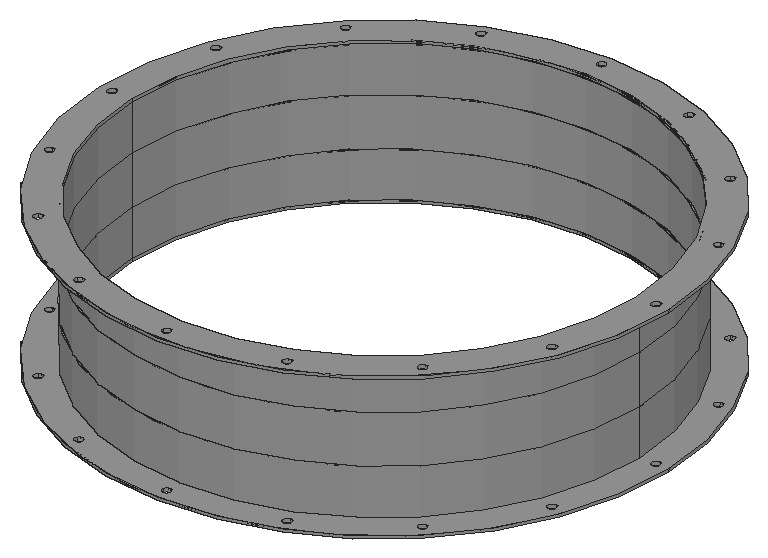
Revit family "ВВГФ-ВО", category Арматура воздуховодов, Revit 2021
Family settings
  Размер круглого соединителя = Использовать диаметр
  Тип детали = Присоединяется
  На основе рабочей плоскости = Нет
  Всегда вертикально = Да
  При загрузке вырезать с полостями = Нет
  Общий = Нет
Parameters (values of type "ВВГФ-ВО-900")
  Ширина = L  # 260 mm
  Отметка по умолчанию = 0 mm
  Класифікація навантаження = "HVAC"
  Изготовитель = "Вентс"  # constant formula
  Діаметр = D2  # 1015 mm
  Вага = 11.40 kg
  t = L - 5 mm  # 255 mm
  n = 16
  l1 = L / 3  # 86.667 mm
  l = L / 2  # 130 mm
  d = 15 mm
  URL = "https://vents.ua/ua/series/vvgf-vo"
  R1 = D1 / 2  # 485 mm
  Матеріал зони обслуговуваня = none
  L = 260 mm
  Dy = 900 mm
  Dn = Dy + 10 mm  # 910 mm
  D2 = 1015 mm
  D1 = 970 mm
  Матеріал корпусу = Метал, пофарбований, синій, матовий RAL 5007
  09_Назва системи [instance] = ""
  00_20_Тип = "ВВГФ-ВО-900"
  00_20_Назва = "Гнучка вставка"  # constant formula
  00_20_Виробник = "Вентс"  # constant formula
Types (12, lengths in mm): name | Діаметр | Вага | n | d | R1 | Dy | Dn | D2 | D1 | 00_20_Тип
  (no name) | 1015 | 11.40 kg | 16 | 15 | 485 | 900 | 910 | 1015 | 970 | "ВВГФ-ВО-900"
  ВВГФ-ВО-400 | 490 | 4.76 kg | 12 | 8 | 225 | 400 | 410 | 490 | 450 | "ВВГФ-ВО-400"
  ВВГФ-ВО-450 | 540 | 5.34 kg | 12 | 8 | 250 | 450 | 460 | 540 | 500 | "ВВГФ-ВО-450"
  ВВГФ-ВО-500 | 600 | 6.12 kg | 12 | 12 | 280 | 500 | 510 | 600 | 560 | "ВВГФ-ВО-500"
  ВВГФ-ВО-560 | 660 | 6.83 kg | 12 | 12 | 310 | 560 | 570 | 660 | 620 | "ВВГФ-ВО-560"
  ВВГФ-ВО-630 | 730 | 7.66 kg | 12 | 12 | 345 | 630 | 640 | 730 | 690 | "ВВГФ-ВО-630"
  ВВГФ-ВО-710 | 810 | 8.60 kg | 16 | 12 | 385 | 710 | 720 | 810 | 770 | "ВВГФ-ВО-710"
  ВВГФ-ВО-800 | 900 | 9.67 kg | 16 | 12 | 430 | 800 | 810 | 900 | 860 | "ВВГФ-ВО-800"
  ВВГФ-ВО-900 | 1015 | 11.40 kg | 16 | 15 | 485 | 900 | 910 | 1015 | 970 | "ВВГФ-ВО-900"
  ВВГФ-ВО-1000 | 1115 | 12.64 kg | 16 | 15 | 535 | 1000 | 1010 | 1115 | 1070 | "ВВГФ-ВО-1000"
  ВВГФ-ВО-1120 | 1270 | 15.73 kg | 20 | 15 | 595 | 1120 | 1130 | 1270 | 1190 | "ВВГФ-ВО-1120"
  ВВГФ-ВО-1250 | 1400 | 17.52 kg | 20 | 15 | 660 | 1250 | 1260 | 1400 | 1320 | "ВВГФ-ВО-1250"
Reference planes
  plane 1 "По центру (Вперед/Назад)": y = 0
  plane 2: z = 0
  plane 3 "По центру (Влево/Вправо)": x = 0
  plane 4: z = 260
Forms (mm)
  Extrusion 1, solid, material "Метал, пофарбований, синій, матовий RAL 5007" <- "Матеріал корпусу"
    sketch origin (0, 0, 0) x (1, 0, 0) y (0, 1, 0)
      loop
        circle (0, 0) r 450
      loop
        circle (0, 0) r 507.5
    from 0 to 5
  Extrusion 2, void
    sketch origin (0, 263.787, 0) x (1, 0, 0) y (0, 1, 0)
      loop
        circle (0, 221.213) r 7.5
    from 0 to 5
  Extrusion 3, void
    sketch origin (100.947, 243.708, 0) x (0.92388, -0.382683, 0) y (0.382683, 0.92388, 0)
      loop
        circle (0, 221.213) r 7.5
    from 0 to 5
  Extrusion 4, void
    sketch origin (-100.947, 243.708, 0) x (0.92388, 0.382683, 0) y (-0.382683, 0.92388, 0)
      loop
        circle (0, 221.213) r 7.5
    from 0 to 5
  Extrusion 5, void
    sketch origin (-186.526, 186.526, 0) x (0.707107, 0.707107, 0) y (-0.707107, 0.707107, 0)
      loop
        circle (0, 221.213) r 7.5
    from 0 to 5
  Extrusion 6, void
    sketch origin (-243.708, 100.947, 0) x (0.382683, 0.92388, 0) y (-0.92388, 0.382683, 0)
      loop
        circle (0, 221.213) r 7.5
    from 0 to 5
  Extrusion 7, void
    sketch origin (-263.787, 0, 0) x (0, 1, 0) y (-1, 0, 0)
      loop
        circle (0, 221.213) r 7.5
    from 0 to 5
  Extrusion 8, void
    sketch origin (-243.708, -100.947, 0) x (-0.382683, 0.92388, 0) y (-0.92388, -0.382683, 0)
      loop
        circle (0, 221.213) r 7.5
    from 0 to 5
  Extrusion 9, void
    sketch origin (-186.526, -186.526, 0) x (-0.707107, 0.707107, 0) y (-0.707107, -0.707107, 0)
      loop
        circle (0, 221.213) r 7.5
    from 0 to 5
  Extrusion 10, void
    sketch origin (-100.947, -243.708, 0) x (-0.92388, 0.382683, 0) y (-0.382683, -0.92388, 0)
      loop
        circle (0, 221.213) r 7.5
    from 0 to 5
  Extrusion 11, void
    sketch origin (0, -263.787, 0) x (-1, 0, 0) y (0, -1, 0)
      loop
        circle (0, 221.213) r 7.5
    from 0 to 5
  Extrusion 12, void
    sketch origin (100.947, -243.708, 0) x (-0.92388, -0.382683, 0) y (0.382683, -0.92388, 0)
      loop
        circle (0, 221.213) r 7.5
    from 0 to 5
  Extrusion 13, void
    sketch origin (186.526, -186.526, 0) x (-0.707107, -0.707107, 0) y (0.707107, -0.707107, 0)
      loop
        circle (0, 221.213) r 7.5
    from 0 to 5
  Extrusion 14, solid, material "Метал, пофарбований, синій, матовий RAL 5007" <- "Матеріал корпусу"
    sketch origin (0, 0, 0) x (1, 0, 0) y (0, 1, 0)
      loop
        circle (0, 0) r 450
      loop
        circle (0, 0) r 507.5
    from 255 to 260
  Extrusion 15, void
    sketch origin (0, 263.053, 0) x (1, 0, 0) y (0, 1, 0)
      loop
        circle (0, 221.947) r 7.5
    from 255 <- "t" to 260 <- "L"
  Extrusion 16, void
    sketch origin (100.666, 243.03, 0) x (0.92388, -0.382683, 0) y (0.382683, 0.92388, 0)
      loop
        circle (0, 221.947) r 7.5
    from 255 <- "t" to 260 <- "L"
  Extrusion 17, void
    sketch origin (-100.666, 243.03, 0) x (0.92388, 0.382683, 0) y (-0.382683, 0.92388, 0)
      loop
        circle (0, 221.947) r 7.5
    from 255 <- "t" to 260 <- "L"
  Extrusion 18, void
    sketch origin (-186.007, 186.007, 0) x (0.707107, 0.707107, 0) y (-0.707107, 0.707107, 0)
      loop
        circle (0, 221.947) r 7.5
    from 255 <- "t" to 260 <- "L"
  Extrusion 19, void
    sketch origin (-243.03, 100.666, 0) x (0.382683, 0.92388, 0) y (-0.92388, 0.382683, 0)
      loop
        circle (0, 221.947) r 7.5
    from 255 <- "t" to 260 <- "L"
  Extrusion 20, void
    sketch origin (-263.053, 0, 0) x (0, 1, 0) y (-1, 0, 0)
      loop
        circle (0, 221.947) r 7.5
    from 255 <- "t" to 260 <- "L"
  Extrusion 21, void
    sketch origin (-243.03, -100.666, 0) x (-0.382683, 0.92388, 0) y (-0.92388, -0.382683, 0)
      loop
        circle (0, 221.947) r 7.5
    from 255 <- "t" to 260 <- "L"
  Extrusion 22, void
    sketch origin (-186.007, -186.007, 0) x (-0.707107, 0.707107, 0) y (-0.707107, -0.707107, 0)
      loop
        circle (0, 221.947) r 7.5
    from 255 <- "t" to 260 <- "L"
  Extrusion 23, void
    sketch origin (-100.666, -243.03, 0) x (-0.92388, 0.382683, 0) y (-0.382683, -0.92388, 0)
      loop
        circle (0, 221.947) r 7.5
    from 255 <- "t" to 260 <- "L"
  Extrusion 24, void
    sketch origin (0, -263.053, 0) x (-1, 0, 0) y (0, -1, 0)
      loop
        circle (0, 221.947) r 7.5
    from 255 <- "t" to 260 <- "L"
  Extrusion 25, void
    sketch origin (100.666, -243.03, 0) x (-0.92388, -0.382683, 0) y (0.382683, -0.92388, 0)
      loop
        circle (0, 221.947) r 7.5
    from 255 <- "t" to 260 <- "L"
  Extrusion 26, void
    sketch origin (186.007, -186.007, 0) x (-0.707107, -0.707107, 0) y (0.707107, -0.707107, 0)
      loop
        circle (0, 221.947) r 7.5
    from 255 <- "t" to 260 <- "L"
  Extrusion 27, solid, material "Ткань"
    sketch origin (0, 0, 0) x (1, 0, 0) y (0, 1, 0)
      loop
        circle (0, 0) r 450
      loop
        circle (0, 0) r 455
    from 5 to 86.667
  Extrusion 28, solid, material "Ткань"
    sketch origin (0, 0, 0) x (1, 0, 0) y (0, 1, 0)
      loop
        circle (0, 0) r 455
      loop
        circle (0, 0) r 450
    from 86.667 to 173.333
  Extrusion 29, solid, material "Ткань"
    sketch origin (0, 0, 0) x (1, 0, 0) y (0, 1, 0)
      loop
        circle (0, 0) r 455
      loop
        circle (0, 0) r 450
    from 255 to 173.333
  Extrusion 30, void
    sketch origin (243.708, -100.947, 0) x (-0.382683, -0.92388, 0) y (0.92388, -0.382683, 0)
      loop
        circle (0, 221.213) r 7.5
    from 0 to 5
  Extrusion 31, void
    sketch origin (263.787, 0, 0) x (0, -1, 0) y (1, 0, 0)
      loop
        circle (0, 221.213) r 7.5
    from 0 to 5
  Extrusion 32, void
    sketch origin (243.708, 100.947, 0) x (0.382683, -0.92388, 0) y (0.92388, 0.382683, 0)
      loop
        circle (0, 221.213) r 7.5
    from 0 to 5
  Extrusion 33, void
    sketch origin (186.526, 186.526, 0) x (0.707107, -0.707107, 0) y (0.707107, 0.707107, 0)
      loop
        circle (0, 221.213) r 7.5
    from 0 to 5
  Extrusion 34, void
    sketch origin (243.03, -100.666, 0) x (-0.382683, -0.92388, 0) y (0.92388, -0.382683, 0)
      loop
        circle (0, 221.947) r 7.5
    from 255 <- "t" to 260 <- "L"
  Extrusion 35, void
    sketch origin (263.053, 0, 0) x (0, -1, 0) y (1, 0, 0)
      loop
        circle (0, 221.947) r 7.5
    from 255 <- "t" to 260 <- "L"
  Extrusion 36, void
    sketch origin (243.03, 100.666, 0) x (0.382683, -0.92388, 0) y (0.92388, 0.382683, 0)
      loop
        circle (0, 221.947) r 7.5
    from 255 <- "t" to 260 <- "L"
  Extrusion 37, void
    sketch origin (186.007, 186.007, 0) x (0.707107, -0.707107, 0) y (0.707107, 0.707107, 0)
      loop
        circle (0, 221.947) r 7.5
    from 255 <- "t" to 260 <- "L"
Cuts and joins
  Extrusion 2, Extrusion 3, Extrusion 4, Extrusion 5, Extrusion 6, Extrusion 7, Extrusion 8, Extrusion 9, Extrusion 10, Extrusion 11, Extrusion 12, Extrusion 13, Extrusion 30, Extrusion 31, Extrusion 32, Extrusion 33 cuts Extrusion 1
  Extrusion 15, Extrusion 16, Extrusion 17, Extrusion 18, Extrusion 19, Extrusion 20, Extrusion 21, Extrusion 22, Extrusion 23, Extrusion 24, Extrusion 25, Extrusion 26, Extrusion 34, Extrusion 35, Extrusion 36, Extrusion 37 cuts Extrusion 14
Dimensions and locks
  "L": level to plane 4
  locked: Extrusion 1 to Extrusion 1 at 5
  locked: Extrusion 14 to Extrusion 14 at 5
  "l1": Extrusion 27 to level
  "l1": Extrusion 28 to Extrusion 28
  "l1": Extrusion 29 to plane 4
  "Dy": diameter of Extrusion 1 sketch curve
  "D2": diameter of Extrusion 1 sketch curve
  "d": diameter of Extrusion 2 sketch curve
  "d": diameter of Extrusion 3 sketch curve
  "d": diameter of Extrusion 4 sketch curve
  "d": diameter of Extrusion 5 sketch curve
  "d": diameter of Extrusion 6 sketch curve
  "d": diameter of Extrusion 7 sketch curve
  "d": diameter of Extrusion 8 sketch curve
  "d": diameter of Extrusion 9 sketch curve
  "d": diameter of Extrusion 10 sketch curve
  "d": diameter of Extrusion 11 sketch curve
  "d": diameter of Extrusion 12 sketch curve
  "d": diameter of Extrusion 13 sketch curve
  "R1": radius of radial array  (x2)
  "Dy": diameter of Extrusion 14 sketch curve
  "D2": diameter of Extrusion 14 sketch curve
  "d": diameter of Extrusion 15 sketch curve
  "d": diameter of Extrusion 16 sketch curve
  "d": diameter of Extrusion 17 sketch curve
  "d": diameter of Extrusion 18 sketch curve
  "d": diameter of Extrusion 19 sketch curve
  "d": diameter of Extrusion 20 sketch curve
  "d": diameter of Extrusion 21 sketch curve
  "d": diameter of Extrusion 22 sketch curve
  "d": diameter of Extrusion 23 sketch curve
  "d": diameter of Extrusion 24 sketch curve
  "d": diameter of Extrusion 25 sketch curve
  "d": diameter of Extrusion 26 sketch curve
  "Dy": diameter of Extrusion 27 sketch curve
  "Dn": diameter of Extrusion 27 sketch curve
  "Dn": diameter of Extrusion 28 sketch curve
  "Dy": diameter of Extrusion 28 sketch curve
  "Dy": diameter of Extrusion 29 sketch curve
  "Dn": diameter of Extrusion 29 sketch curve
  "d": diameter of Extrusion 30 sketch curve
  "d": diameter of Extrusion 31 sketch curve
  "d": diameter of Extrusion 32 sketch curve
  "d": diameter of Extrusion 33 sketch curve
  "d": diameter of Extrusion 34 sketch curve
  "d": diameter of Extrusion 35 sketch curve
  "d": diameter of Extrusion 36 sketch curve
  "d": diameter of Extrusion 37 sketch curve
  aligned and locked: level to plane 2
  aligned and locked: plane 4 to Extrusion 14
  aligned and locked: Extrusion 27 to cut or joined group 1 (Extrusion 1, Extrusion 2, Extrusion 3, Extrusion 4, Extrusion 5, Extrusion 6, Extrusion 7, Extrusion 8, Extrusion 9, Extrusion 10, Extrusion 11, Extrusion 12, Extrusion 13, Extrusion 30, Extrusion 31, Extrusion 32, Extrusion 33)
  aligned and locked: Extrusion 28 to Extrusion 27
  aligned and locked: Extrusion 29 to cut or joined group 2 (Extrusion 14, Extrusion 15, Extrusion 16, Extrusion 17, Extrusion 18, Extrusion 19, Extrusion 20, Extrusion 21, Extrusion 22, Extrusion 23, Extrusion 24, Extrusion 25, Extrusion 26, Extrusion 34, Extrusion 35, Extrusion 36, Extrusion 37)
Automatic sketch dimensions
  Extrusion 1 sketch curve to Extrusion 1 sketch curve = 0 mm  (x2)
  plane 1 "По центру (Вперед/Назад)" to Extrusion 1 sketch curve = 0 mm
  Extrusion 1 sketch curve to plane 3 "По центру (Влево/Вправо)" = 0 mm
  Extrusion 14 sketch curve to Extrusion 14 sketch curve = 0 mm  (x2)
  plane 1 "По центру (Вперед/Назад)" to Extrusion 14 sketch curve = 0 mm
  Extrusion 14 sketch curve to plane 3 "По центру (Влево/Вправо)" = 0 mm
  Extrusion 27 sketch curve to Extrusion 27 sketch curve = 0 mm  (x2)
  plane 1 "По центру (Вперед/Назад)" to Extrusion 27 sketch curve = 0 mm
  Extrusion 27 sketch curve to plane 3 "По центру (Влево/Вправо)" = 0 mm
  Extrusion 28 sketch curve to Extrusion 28 sketch curve = 0 mm  (x2)
  plane 1 "По центру (Вперед/Назад)" to Extrusion 28 sketch curve = 0 mm
  Extrusion 28 sketch curve to plane 3 "По центру (Влево/Вправо)" = 0 mm
  Extrusion 29 sketch curve to Extrusion 29 sketch curve = 0 mm  (x2)
  plane 1 "По центру (Вперед/Назад)" to Extrusion 29 sketch curve = 0 mm
  Extrusion 29 sketch curve to plane 3 "По центру (Влево/Вправо)" = 0 mm
Connectors
  hvac at (0, 0, 260), driven by "Dy"
    settings: on cut or joined group 2, index 1, duct flow 0.0 L/s, flow factor 0, pres drop 0.0 Pa, loss coef 0, conn angle 0.00°, conn width 304.8 mm, conn height 304.8 mm, conn diameter 900 mm, duct sys type 3, conn prof type 0, flow config 0, flow direction 0, loss method 0, conn ref index -1, conn util no, is conn primary yes, conn desc ""
  hvac at (0, 0, 0), driven by "Dy"
    settings: on cut or joined group 1, index 2, duct flow 0.0 L/s, flow factor 0, pres drop 0.0 Pa, loss coef 0, conn angle 0.00°, conn width 304.8 mm, conn height 304.8 mm, conn diameter 900 mm, duct sys type 3, conn prof type 0, flow config 0, flow direction 0, loss method 0, conn ref index -1, conn util no, is conn primary no, conn desc ""
